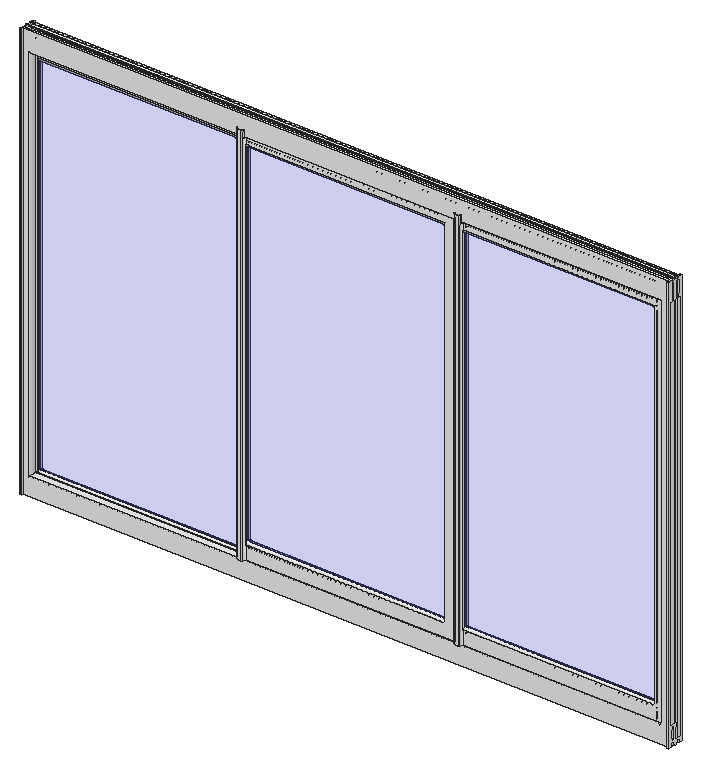
Revit family "DAL_A3-AGI-Sliding-Patio-Door-With-Side-Lights-3110mm", category Doors, host Wall, Revit 2016
Family settings
  Host = Wall
  Always vertical = Yes
  Cut with Voids When Loaded = No
  Shared = No
  Room Calculation Point = No
Parameters (values of type "AGI sliding patio door with side lights 3110mm")
  URL = "http://www.agi.co.za/patioDoor1.htm"
  Panel 2 Width = (Width / 3)  # 1036.667 mm
  Panel 2 Hieght = Height - 89 mm  # 1911 mm
  Panel 1 Width = (Width / 3) - 10 mm  # 1026.667 mm
  Panel 1 Hieght = Height - 154 mm  # 1846 mm
  Manufacturer = "AGI"
  Function = Interior
  Frame material = none
  Frame Projection Ext. = 25 mm
  Frame Projection Int. = 25 mm
  Frame Width = 75 mm
  Height = 2000 mm
  Wall Closure = By host
  Width = 3110 mm
Reference planes
  plane 1 "Centre(Exterior/Interior)": y = 0
  plane 2 "Center (Left/Right)": x = -250
  plane 3 "Left": x = -1286.667
  plane 4 "Right": x = 1823.333
  plane 5 "Top": z = 2000
  plane 6 "Exterior": y = 75
  plane 7 "Interior": y = -75
  plane 8: z = 25
  plane 9 "Panel top": z = 1936.037
  plane 10: x = -1276.667
  plane 11: x = 1813.333
  plane 12: z = 90
  plane 13: x = 786.667
Forms (mm)
  Sweep 1, solid, material <- "Frame material", detail levels medium+fine
    path origin (0, 0, 0) x (1, 0, 0) y (0, 0, 1)
      loop
        line (1823.333, 0) -> (-1286.667, 0)
    profile "AGI SLIDING PATIO Base frame profile : AGI SLIDING PATIO Base frame profile" origin (268.333, 0, 0) x (0, 0, -1) y (0, -1, 0)
      loop
        line (-90, 32.5) -> (-90, -2.5) -> (-73.55, -2.5) -> (-73.55, 2.5) -> (-86, 2.5) -> (-86, 4.847) -> (-23.5, 4.847) -> (-23.5, -1) -> (-12.362, -1) -> (-12.362, 1) -> (-21, 1) -> (-21, 21.5) -> (-33.87, 21.5) -> (-33.87, 19) -> (-23.5, 19) -> (-23.5, 7.347) -> (-86, 7.347) -> (-86, 19) -> (-73.55, 19) -> (-65.757, 26.793) -> (-69.293, 26.793) -> (-74.586, 21.5) -> (-86, 21.5) -> (-86, 32.5) -> (-90, 32.5)
      loop
        line (-2, 22.5) -> (0, 22.5) -> (0, 32.5) -> (-85, 32.5) -> (-85, 22.5) -> (-75, 22.5) -> (-70, 27.5) -> (-20, 27.5) -> (-20, 3.847) -> (-18.194, 3.847)
        arc (-18.194, 3.847) -> (-10, 0) -> (-18.194, -3.847) r 5
        line (-18.194, -3.847) -> (-20, -3.847) -> (-19.131, -17.639) -> (-25, -17.639) -> (-25, -19.673) -> (-19.003, -19.673) -> (-18.352, -30) -> (-2, -30) -> (-2, -32.5) -> (0, -32.5) -> (0, -25) -> (-13.657, -25) -> (-14.603, -9.992)
        arc (-14.603, -9.992) -> (-8.146, -7.281) -> (-5.05, -1) r 10
        line (-5.05, -1) -> (0, -1) -> (0, 1) -> (-5.05, 1)
        arc (-5.05, 1) -> (-8.292, 7.416) -> (-15, 10) r 10
        line (-15, 10) -> (-15, 27.5) -> (-2, 27.5) -> (-2, 22.5)
  Sweep 2, solid, material <- "Frame material", detail levels medium+fine
    path origin (0, 0, 0) x (1, 0, 0) y (0, 0, 1)
      loop
        line (1823.333, 2000) -> (1823.333, 0)
    profile "AGI SLIDING PATIO side frame profile : AGI SLIDING PATIO side frame profile" origin (1823.333, 0, 1000) x (1, 0, 0) y (0, -1, 0)
      loop
        line (-10, -32.5) -> (-10, -37.5) -> (0, -37.5) -> (0, -32.5) -> (-2, -32.5) -> (-2, -35.5) -> (-5, -35.5) -> (-5, -11.015) -> (-2, -11.015) -> (-2, -6.015) -> (-5, -6.015) -> (-5, -2.5) -> (-2, -2.5) -> (-2, 2.5) -> (-5, 2.5) -> (-5, 35.5) -> (-2, 35.5) -> (-2, 32.5) -> (0, 32.5) -> (0, 37.5) -> (-10, 37.5) -> (-10, 32.5) -> (-40, 32.5) -> (-40, 27.5) -> (-10, 27.5) -> (-10, 2) -> (-8, 2) -> (-8, -2) -> (-10, -2) -> (-10, -27.5) -> (-37.71, -27.5) -> (-37.71, -26.5) -> (-11, -26.5) -> (-11, -24.5) -> (-36.319, -24.5)
        arc (-36.319, -24.5) -> (-38.09, -14) -> (-36.319, -3.5) r 32.018
        line (-36.319, -3.5) -> (-30.069, -3.5) -> (-30.069, -1) -> (-9, -1) -> (-9, 1) -> (-40, 1)
        arc (-40, 1) -> (-42.935, -15.75) -> (-40, -32.5) r 49.268
        line (-40, -32.5) -> (-10, -32.5)
  Sweep 3, solid, material <- "Frame material", detail levels medium+fine
    path origin (0, 0, 0) x (1, 0, 0) y (0, 0, 1)
      loop
        line (-1286.667, 2000) -> (1823.333, 2000)
    profile "AGI SLIDING PATIO Top frame profile : AGI SLIDING PATIO Top frame profile" origin (268.333, 0, 2000) x (0, 0, 1) y (0, -1, 0)
      loop
        line (0, 1.5) -> (-5, 1.5) -> (-5, 27.5) -> (-2, 27.5) -> (-2, 22.5) -> (0, 22.5) -> (0, 32.5) -> (-90, 32.5) -> (-90, 22.5) -> (-75, 22.5) -> (-75, 27.5) -> (-10, 27.5) -> (-10, 1.5) -> (-27.652, 1.5)
        arc (-27.652, 1.5) -> (-28.663, 4.011) -> (-30.5, 6) r 7.5
        line (-30.5, 6) -> (-27.08, 6) -> (-27.08, 2.18) -> (-11, 8) -> (-88, 8) -> (-88, 19.5) -> (-11, 19.5) -> (-27.08, 26.5) -> (-27.08, 21.5) -> (-90, 21.5) -> (-90, 6) -> (-39.5, 6)
        arc (-39.5, 6) -> (-41.337, 4.011) -> (-42.348, 1.5) r 7.5
        line (-42.348, 1.5) -> (-75, 1.5) -> (-75, 5) -> (-90, 5) -> (-90, -5) -> (-75, -5) -> (-75, -1.5) -> (-42.348, -1.5)
        arc (-42.348, -1.5) -> (-41.321, -4.036) -> (-39.453, -6.035) r 7.5
        line (-39.453, -6.035) -> (-36.781, -2.414)
        arc (-36.781, -2.414) -> (-35, 3) -> (-33.219, -2.414) r 3
        line (-33.219, -2.414) -> (-30.547, -6.035)
        arc (-30.547, -6.035) -> (-28.679, -4.036) -> (-27.652, -1.5) r 7.5
        line (-27.652, -1.5) -> (-10, -1.5) -> (-10, -27.5) -> (-75, -27.5) -> (-75, -22.5) -> (-90, -22.5) -> (-90, -32.5) -> (0, -32.5) -> (0, -22.5) -> (-2, -22.5) -> (-2, -27.5) -> (-5, -27.5) -> (-5, -1.5) -> (0, -1.5) -> (0, 1.5)
  Sweep 4, solid, material <- "Frame material", detail levels medium+fine
    path origin (0, 0, 0) x (1, 0, 0) y (0, 0, 1)
      loop
        line (-1286.667, 2000) -> (-1286.667, 0)
    profile "AGI SLIDING PATIO side frame profile : AGI SLIDING PATIO side frame profile" origin (-1286.667, 0, 1000) x (1, 0, 0) y (0, -1, 0)
      loop
        line (10, 32.5) -> (10, 37.5) -> (0, 37.5) -> (0, 32.5) -> (2, 32.5) -> (2, 35.5) -> (5, 35.5) -> (5, 11.015) -> (2, 11.015) -> (2, 6.015) -> (5, 6.015) -> (5, 2.5) -> (2, 2.5) -> (2, -2.5) -> (5, -2.5) -> (5, -35.5) -> (2, -35.5) -> (2, -32.5) -> (0, -32.5) -> (0, -37.5) -> (10, -37.5) -> (10, -32.5) -> (40, -32.5) -> (40, -27.5) -> (10, -27.5) -> (10, -2) -> (8, -2) -> (8, 2) -> (10, 2) -> (10, 27.5) -> (37.71, 27.5) -> (37.71, 26.5) -> (11, 26.5) -> (11, 24.5) -> (36.319, 24.5)
        arc (36.319, 24.5) -> (38.09, 14) -> (36.319, 3.5) r 32.018
        line (36.319, 3.5) -> (30.069, 3.5) -> (30.069, 1) -> (9, 1) -> (9, -1) -> (40, -1)
        arc (40, -1) -> (42.935, 15.75) -> (40, 32.5) r 49.268
        line (40, 32.5) -> (10, 32.5)
Cuts and joins
  joined: Sweep 1, Sweep 2, Sweep 3, Sweep 4
Lines and regions (mm)
  Opening 1
    outline origin (-3050, -75, 0) x (1, 0, 0) y (0, 0, 1)
      loop
        line (1763.333, 0) -> (4873.333, 0) -> (4873.333, 2000) -> (1763.333, 2000) -> (1763.333, 0)
  symbolic lines, style "Elevation Swing"
    curve 1: line (206.116, 12.619, 0) -> (101.116, 12.619, 0)
    curve 2: line (101.116, 12.619, 0) -> (115.258, -1.523, 0)
    curve 3: line (101.116, 12.619, 0) -> (115.258, 26.761, 0)
    curve 14: line (1336.116, 12.619, 0) -> (1231.116, 12.619, 0)
    curve 15: line (1231.116, 12.619, 0) -> (1245.258, -1.523, 0)
    curve 16: line (1231.116, 12.619, 0) -> (1245.258, 26.761, 0)
  symbolic lines, style "Overhead line", detail levels coarse
    curve 4: line (-1286.667, 75, 0) -> (1823.333, 75, 0)
    curve 5: line (1823.333, -75, 0) -> (-1286.667, -75, 0)
  symbolic lines, style "DoorsPanelProjection", detail levels coarse
    curve 6: line (-1286.667, 17, 0) -> (-250, 17, 0)
    curve 7: line (298.333, 0, 1013) -> (178.333, 0, 1013)
    curve 8: line (178.333, 0, 1013) -> (192.475, 0, 1027.142)
    curve 9: line (178.333, 0, 1013) -> (192.475, 0, 998.858)
    curve 10: line (1335, 0, 1013) -> (1215, 0, 1013)
    curve 11: line (1215, 0, 1013) -> (1229.142, 0, 1027.142)
    curve 12: line (1215, 0, 1013) -> (1229.142, 0, 998.858)
    curve 13: line (1823.333, -14.5, 0) -> (-250, -14.5, 0)
Text (mm)
  text "Exterior" at (-2295.016, 1099.543, 0), in view "Ref. Level"
  text "Exterior" at (0, 1615.38, 3698.081), in view "Left"
  text "Exterior" at (0, 1036.032, 3874.932), in view "Right"
Dimensions and locks
  equal spacing: plane 3 "Left", plane 2 "Center (Left/Right)", plane 13, plane 4 "Right"
  "Width": plane 3 "Left" to plane 4 "Right"
  "Height": plane 5 "Top" to host wall
  host wall to plane 5 "Top" = 2000 mm  (x2)
  locked: plane 6 "Exterior" to host wall at 0
  locked: plane 7 "Interior" to host wall
  locked: level to plane 8 at 25
  locked: plane 3 "Left" to plane 10 at 10
  locked: plane 11 to plane 4 "Right" at 10
  locked: level to plane 12 at 90
  aligned and locked: plane 3 "Left" to Opening 1 sketch curve
  aligned and locked: plane 5 "Top" to Opening 1 sketch curve  (x2)
  aligned and locked: Opening 1 sketch curve to plane 4 "Right"
  aligned and locked: Opening 1 sketch curve to level
  aligned and locked: plane 1 "Centre(Exterior/Interior)" to host wall
  aligned and locked: level to Sweep 1 sketch curve
  aligned and locked: plane 4 "Right" to Sweep 1 sketch curve
  aligned and locked: plane 3 "Left" to Sweep 1 sketch curve
  aligned and locked: plane 4 "Right" to Sweep 2 sketch curve
  aligned and locked: plane 5 "Top" to Sweep 2 sketch curve
  aligned and locked: level to Sweep 2 sketch curve
  aligned and locked: plane 5 "Top" to Sweep 3 sketch curve
  aligned and locked: plane 4 "Right" to Sweep 3 sketch curve
  aligned and locked: plane 3 "Left" to Sweep 3 sketch curve
  aligned and locked: plane 3 "Left" to Sweep 4 sketch curve
  aligned and locked: plane 5 "Top" to Sweep 4 sketch curve
  aligned and locked: level to Sweep 4 sketch curve
  aligned and locked: nested 1 to plane 8
  aligned and locked: plane 3 "Left" to curve 4
  aligned and locked: plane 4 "Right" to curve 4
  aligned and locked: plane 4 "Right" to curve 5
  aligned and locked: curve 5 to plane 7 "Interior"
  aligned and locked: plane 6 "Exterior" to curve 4
  aligned and locked: plane 2 "Center (Left/Right)" to curve 6
  aligned and locked: plane 3 "Left" to curve 6
  aligned and locked: plane 12 to nested 3
  aligned and locked: plane 13 to nested 3
  aligned and locked: nested 3 to nested 2
  aligned and locked: plane 11 to nested 2
  aligned and locked: nested 1 to plane 10
  aligned and locked: nested 2 to cut or joined group of Sweep 1, Sweep 2, Sweep 3, Sweep 4
  aligned and locked: cut or joined group of Sweep 1, Sweep 2, Sweep 3, Sweep 4 to nested 1
  aligned and locked: plane 2 "Center (Left/Right)" to curve 13
  aligned and locked: plane 4 "Right" to curve 13
  aligned and locked: curve 13 to nested 2
Automatic sketch dimensions
  plane 2 "Center (Left/Right)" to curve 7 = 428.333 mm
  curve 7 to curve 8 = 14.142 mm
  curve 7 to curve 9 = 14.142 mm
  curve 8 to curve 7 = 105.858 mm
  plane 13 to curve 10 = 428.333 mm
  curve 12 to curve 11 = 14.142 mm
  curve 12 to curve 12 = 14.142 mm  (x2)
  curve 11 to curve 10 = 105.858 mm
  curve 9 to plane 12 = 908.858 mm
  curve 12 to curve 9 = 0 mm
  curve 9 to curve 8 = 14.142 mm
  curve 5 to plane 3 "Left" = 0 mm
  curve 1 to host wall = 12.619 mm
  plane 2 "Center (Left/Right)" to curve 1 = 351.116 mm
  curve 3 to host wall = 26.761 mm
  curve 1 to curve 3 = 14.142 mm
  host wall to curve 2 = 1.523 mm
  curve 3 to curve 1 = 90.858 mm
  curve 16 to host wall = 12.619 mm
  plane 13 to curve 16 = 444.449 mm
  host wall to curve 15 = 1.523 mm
  curve 14 to curve 15 = 14.142 mm
  curve 16 to host wall = 26.761 mm
  curve 16 to curve 14 = 90.858 mm
  curve 6 to host wall = 17 mm
Nested families
  nested 1: "AGI sliding patio side i" at (-615.533, 17, 25), type "AGI sliding patio side i", detail levels medium+fine
    with Width 1036.667 mm
  nested 2: "AGI sliding patio side II" at (1442.8, -14.5, 90), type "AGI sliding patio side II", detail levels medium+fine
    with Width 1026.667 mm
  nested 3: "AGI sliding patio side IV" at (406.133, -14.5, 90), type "AGI sliding patio side II", detail levels medium+fine
    with Width 1036.667 mm
Definition of nested family "AGI sliding patio side i"
  Parameters
    Width = 750 mm
    Height = 1911 mm
    Glass = none
    Frame = none
    Assembly Code = ""
  Reference planes
    plane 1 "Center (Front/Back)": y = 0
    plane 2: z = 0
    plane 3 "Center (Left/Right)": x = -142.8
    plane 4 "Right": x = 232.2
    plane 5 "Left": x = -517.8
    plane 6: z = 1911
    plane 7: z = 1846
    plane 8: z = 65
    plane 9 "PANEL": y = 2.5
    plane 10: x = -488.8
    plane 11: x = 203.2
  Forms (mm)
    Sweep 1, solid
      path origin (0, 0, 0) x (1, 0, 0) y (0, 1, 0)
        loop
          line (232.2, 0) -> (-517.8, 0)
      profile "AGI panel top & bottom profile : AGI panel top & bottom profile" origin (-142.8, 0, 0) x (0, -1, 0) y (0, 0, 1)
        loop
          line (13, 0) -> (13, 65)
          arc (13, 65) -> (9.925, 72.425) -> (2.5, 75.5) r 10.5
          line (2.5, 75.5) -> (2.5, 65) -> (5, 65) -> (5, 69.899)
          arc (5, 69.899) -> (7.19, 67.872) -> (8, 65) r 5.5
          line (8, 65) -> (8, 54.802) -> (3.867, 54.802)
          arc (3.867, 54.802) -> (0, 56.632) -> (-3.867, 54.802) r 5
          line (-3.867, 54.802) -> (-8, 54.802) -> (-8, 65)
          arc (-8, 65) -> (-7.19, 67.872) -> (-5, 69.899) r 5.5
          line (-5, 69.899) -> (-5, 65) -> (-2.5, 65) -> (-2.5, 75.5)
          arc (-2.5, 75.5) -> (-9.925, 72.425) -> (-13, 65) r 10.5
          line (-13, 65) -> (-13, 0) -> (-5, 0) -> (-5, 5) -> (-8, 5) -> (-8, 49.802) -> (-4.653, 49.802)
          arc (-4.653, 49.802) -> (-3.789, 48.369) -> (-2.5, 47.302) r 5
          line (-2.5, 47.302) -> (-0.948, 49.319)
          arc (-0.948, 49.319) -> (-0.168, 54.126) -> (1.25, 49.467) r 2.5
          line (1.25, 49.467) -> (2.5, 47.302)
          arc (2.5, 47.302) -> (3.789, 48.369) -> (4.653, 49.802) r 5
          line (4.653, 49.802) -> (8, 49.802) -> (8, 5) -> (5, 5) -> (5, 0) -> (13, 0)
    Sweep 2, solid
      path origin (0, 0, 0) x (1, 0, 0) y (0, 0, 1)
        loop
          line (-517.8, 1911) -> (232.2, 1911)
      profile "AGI panel top & bottom profile : AGI panel top & bottom profile" origin (-142.8, 0, 1911) x (0, 0, 1) y (0, -1, 0)
        loop
          line (0, 13) -> (-65, 13)
          arc (-65, 13) -> (-72.425, 9.925) -> (-75.5, 2.5) r 10.5
          line (-75.5, 2.5) -> (-65, 2.5) -> (-65, 5) -> (-69.899, 5)
          arc (-69.899, 5) -> (-67.872, 7.19) -> (-65, 8) r 5.5
          line (-65, 8) -> (-54.802, 8) -> (-54.802, 3.867)
          arc (-54.802, 3.867) -> (-56.632, 0) -> (-54.802, -3.867) r 5
          line (-54.802, -3.867) -> (-54.802, -8) -> (-65, -8)
          arc (-65, -8) -> (-67.872, -7.19) -> (-69.899, -5) r 5.5
          line (-69.899, -5) -> (-65, -5) -> (-65, -2.5) -> (-75.5, -2.5)
          arc (-75.5, -2.5) -> (-72.425, -9.925) -> (-65, -13) r 10.5
          line (-65, -13) -> (0, -13) -> (0, -5) -> (-5, -5) -> (-5, -8) -> (-49.802, -8) -> (-49.802, -4.653)
          arc (-49.802, -4.653) -> (-48.369, -3.789) -> (-47.302, -2.5) r 5
          line (-47.302, -2.5) -> (-49.319, -0.948)
          arc (-49.319, -0.948) -> (-54.126, -0.168) -> (-49.467, 1.25) r 2.5
          line (-49.467, 1.25) -> (-47.302, 2.5)
          arc (-47.302, 2.5) -> (-48.369, 3.789) -> (-49.802, 4.653) r 5
          line (-49.802, 4.653) -> (-49.802, 8) -> (-5, 8) -> (-5, 5) -> (0, 5) -> (0, 13)
    Sweep 3, solid
      path origin (0, 0, 0) x (1, 0, 0) y (0, 0, 1)
        loop
          line (-517.8, 1911) -> (-517.8, 0)
      profile "AGI panel side profile i : AGI panel side profile i" origin (-517.8, 0, 955.5) x (1, 0, 0) y (0, -1, 0)
        loop
          line (0, 13) -> (0, 8) -> (12, 8) -> (12, -8) -> (0, -8) -> (0, -13) -> (40, -13) -> (40, -8) -> (39, -8) -> (39, -2.5) -> (29, -2.5) -> (29, -5) -> (34, -5) -> (34, -8) -> (17, -8) -> (17, 8) -> (34, 8) -> (34, 5) -> (29, 5) -> (29, 2.5) -> (39, 2.5) -> (39, 8) -> (40, 8) -> (40, 13) -> (0, 13)
    Sweep 4, solid
      path origin (0, 0, 0) x (1, 0, 0) y (0, 0, 1)
        loop
          line (232.2, 1911) -> (232.2, 0)
      profile "AGI panel side profile st : AGI panel side profile st" origin (232.2, 0, 955.5) x (1, 0, 0) y (0, -1, 0)
        loop
          line (0.808, 8) -> (-13.241, 8) -> (-12, 6.759) -> (-12, -8) -> (-1.155, -8)
          arc (-1.155, -8) -> (1.377, -0.19) -> (0.808, 8) r 21.581
        loop
          arc (1.595, -13) -> (6.537, 2.438) -> (1.595, 17.875) r 26.581
          line (1.595, 17.875) -> (-12, 17.875) -> (0, 15) -> (0, 13) -> (-40, 13) -> (-40, 8) -> (-39, 8) -> (-39, 2.5) -> (-29, 2.5) -> (-29, 5) -> (-34, 5) -> (-34, 8) -> (-20, 8) -> (-17, 5) -> (-17, -8) -> (-34, -8) -> (-34, -5) -> (-29, -5) -> (-29, -2.5) -> (-39, -2.5) -> (-39, -8) -> (-40, -8) -> (-40, -13) -> (1.595, -13)
    Extrusion 5, solid, material <- "Glass"
      sketch origin (0, 2.5, 0) x (1, 0, 0) y (0, 0, 1)
        loop
          line (-488.8, 65) -> (203.2, 65) -> (203.2, 1846) -> (-488.8, 1846) -> (-488.8, 65)
      from 0 to 5
  Cuts and joins
    joined: Sweep 1, Sweep 2, Sweep 3, Sweep 4
  Dimensions and locks
    equal spacing: plane 5 "Left", plane 3 "Center (Left/Right)", plane 4 "Right"
    "Width": plane 5 "Left" to plane 4 "Right"
    "Height": plane 6 to plane 2
    locked: level to plane 8 at 65
    locked: plane 7 to plane 6 at 65
    locked: plane 5 "Left" to plane 10 at 29
    locked: plane 11 to plane 4 "Right" at 29
    aligned and locked: level to plane 2
    aligned and locked: Sweep 1 sketch curve to plane 1 "Center (Front/Back)"
    aligned and locked: plane 5 "Left" to Sweep 1 sketch curve
    aligned and locked: plane 4 "Right" to Sweep 1 sketch curve
    aligned and locked: Sweep 2 sketch curve to plane 6
    aligned and locked: plane 5 "Left" to Sweep 2 sketch curve
    aligned and locked: plane 4 "Right" to Sweep 2 sketch curve
    aligned and locked: Sweep 3 sketch curve to plane 5 "Left"
    aligned and locked: plane 6 to Sweep 3 sketch curve
    aligned and locked: plane 2 to Sweep 3 sketch curve
    aligned and locked: Sweep 4 sketch curve to plane 4 "Right"
    aligned and locked: plane 6 to Sweep 4 sketch curve
    aligned and locked: plane 2 to Sweep 4 sketch curve
    aligned and locked: Extrusion 5 sketch curve to plane 10
    aligned and locked: Extrusion 5 sketch curve to plane 7
    aligned and locked: Extrusion 5 sketch curve to plane 8
    aligned and locked: Extrusion 5 sketch curve to plane 11
Definition of nested family "AGI sliding patio side II"
  Parameters
    Width = 500 mm
    Height = 1846 mm
    Glass = none
    Frame = none
    Assembly Code = ""
  Reference planes
    plane 1 "Center (Front/Back)": y = 0
    plane 2: z = 0
    plane 3 "Center (Left/Right)": x = -142.8
    plane 4 "Right": x = 107.2
    plane 5 "Left": x = -392.8
    plane 6: z = 1846
    plane 7: z = 1781
    plane 8: z = 65
    plane 9 "PANEL": y = 2.5
    plane 10: x = -363.8
    plane 11: x = 53.2
  Forms (mm)
    Sweep 1, solid
      path origin (0, 0, 0) x (1, 0, 0) y (0, 1, 0)
        loop
          line (107.2, 0) -> (-392.8, 0)
      profile "AGI panel top & bottom profile : AGI panel top & bottom profile" origin (-142.8, 0, 0) x (0, -1, 0) y (0, 0, 1)
        loop
          line (13, 0) -> (13, 65)
          arc (13, 65) -> (9.925, 72.425) -> (2.5, 75.5) r 10.5
          line (2.5, 75.5) -> (2.5, 65) -> (5, 65) -> (5, 69.899)
          arc (5, 69.899) -> (7.19, 67.872) -> (8, 65) r 5.5
          line (8, 65) -> (8, 54.802) -> (3.867, 54.802)
          arc (3.867, 54.802) -> (0, 56.632) -> (-3.867, 54.802) r 5
          line (-3.867, 54.802) -> (-8, 54.802) -> (-8, 65)
          arc (-8, 65) -> (-7.19, 67.872) -> (-5, 69.899) r 5.5
          line (-5, 69.899) -> (-5, 65) -> (-2.5, 65) -> (-2.5, 75.5)
          arc (-2.5, 75.5) -> (-9.925, 72.425) -> (-13, 65) r 10.5
          line (-13, 65) -> (-13, 0) -> (-5, 0) -> (-5, 5) -> (-8, 5) -> (-8, 49.802) -> (-4.653, 49.802)
          arc (-4.653, 49.802) -> (-3.789, 48.369) -> (-2.5, 47.302) r 5
          line (-2.5, 47.302) -> (-0.948, 49.319)
          arc (-0.948, 49.319) -> (-0.168, 54.126) -> (1.25, 49.467) r 2.5
          line (1.25, 49.467) -> (2.5, 47.302)
          arc (2.5, 47.302) -> (3.789, 48.369) -> (4.653, 49.802) r 5
          line (4.653, 49.802) -> (8, 49.802) -> (8, 5) -> (5, 5) -> (5, 0) -> (13, 0)
    Sweep 2, solid
      path origin (0, 0, 0) x (1, 0, 0) y (0, 0, 1)
        loop
          line (-392.8, 1846) -> (107.2, 1846)
      profile "AGI panel top & bottom profile : AGI panel top & bottom profile" origin (-142.8, 0, 1846) x (0, 0, 1) y (0, -1, 0)
        loop
          line (0, 13) -> (-65, 13)
          arc (-65, 13) -> (-72.425, 9.925) -> (-75.5, 2.5) r 10.5
          line (-75.5, 2.5) -> (-65, 2.5) -> (-65, 5) -> (-69.899, 5)
          arc (-69.899, 5) -> (-67.872, 7.19) -> (-65, 8) r 5.5
          line (-65, 8) -> (-54.802, 8) -> (-54.802, 3.867)
          arc (-54.802, 3.867) -> (-56.632, 0) -> (-54.802, -3.867) r 5
          line (-54.802, -3.867) -> (-54.802, -8) -> (-65, -8)
          arc (-65, -8) -> (-67.872, -7.19) -> (-69.899, -5) r 5.5
          line (-69.899, -5) -> (-65, -5) -> (-65, -2.5) -> (-75.5, -2.5)
          arc (-75.5, -2.5) -> (-72.425, -9.925) -> (-65, -13) r 10.5
          line (-65, -13) -> (0, -13) -> (0, -5) -> (-5, -5) -> (-5, -8) -> (-49.802, -8) -> (-49.802, -4.653)
          arc (-49.802, -4.653) -> (-48.369, -3.789) -> (-47.302, -2.5) r 5
          line (-47.302, -2.5) -> (-49.319, -0.948)
          arc (-49.319, -0.948) -> (-54.126, -0.168) -> (-49.467, 1.25) r 2.5
          line (-49.467, 1.25) -> (-47.302, 2.5)
          arc (-47.302, 2.5) -> (-48.369, 3.789) -> (-49.802, 4.653) r 5
          line (-49.802, 4.653) -> (-49.802, 8) -> (-5, 8) -> (-5, 5) -> (0, 5) -> (0, 13)
    Extrusion 3, solid, material <- "Glass"
      sketch origin (0, 2.5, 0) x (1, 0, 0) y (0, 0, 1)
        loop
          line (-363.8, 65) -> (53.2, 65) -> (53.2, 1781) -> (-363.8, 1781) -> (-363.8, 65)
      from 0 to 5
    Sweep 4, solid
      path origin (0, 2.5, 0) x (1, 0, 0) y (0, 0, 1)
        loop
          line (-392.8, 1846) -> (-392.8, 0)
      profile "AGI panel side profile outside : AGI panel side profile outside" origin (-392.8, 2.5, 923) x (1, 0, 0) y (0, -1, 0)
        loop
          line (5.005, -5.5) -> (14.841, -5.5) -> (13.6, -4.259) -> (13.6, 10.5) -> (5.005, 10.5) -> (5.005, -5.5)
        loop
          line (0.005, -10.5) -> (41.6, -10.5) -> (41.6, -5.5) -> (40.6, -5.5) -> (40.6, 0) -> (30.6, 0) -> (30.6, -2.5) -> (35.6, -2.5) -> (35.6, -5.5) -> (21.6, -5.5) -> (18.6, -2.5) -> (18.6, 10.5) -> (35.6, 10.5) -> (35.6, 7.5) -> (30.6, 7.5) -> (30.6, 5) -> (40.6, 5) -> (40.6, 10.5) -> (41.6, 10.5) -> (41.6, 15.5)
          arc (41.6, 15.5) -> (36.124, 20.153) -> (36.892, 27.297) r 7.681
          arc (36.892, 27.297) -> (37.161, 30.042) -> (35.01, 31.769) r 2.898
          arc (35.01, 31.769) -> (14.921, 29.201) -> (0.005, 15.5) r 33.416
          line (0.005, 15.5) -> (0.005, -10.5)
        loop
          line (5.982, 15.5) -> (38.886, 15.5)
          arc (38.886, 15.5) -> (34.795, 21.066) -> (36.063, 27.857) r 8.681
          arc (36.063, 27.857) -> (36.257, 29.614) -> (34.919, 30.769) r 1.899
          arc (34.919, 30.769) -> (17.97, 29.377) -> (4.058, 19.596) r 32.416
          arc (4.058, 19.596) -> (3.719, 16.937) -> (5.982, 15.5) r 2.5
    Sweep 5, solid
      path origin (0, 2.5, 0) x (1, 0, 0) y (0, 0, 1)
        loop
          line (107.2, 1846) -> (107.2, 0)
      profile "AGI panel side profile lng : AGI panel side profile lng" origin (107.2, 2.5, 923) x (1, 0, 0) y (0, -1, 0)
        loop
          line (-16.155, 10.5) -> (-37, 10.5) -> (-37, -5.5) -> (-16.155, -5.5) -> (-16.155, 10.5)
        loop
          line (0, -10.5) -> (0, -2.5) -> (-5, -2.5) -> (-5, -5.5) -> (-11.155, -5.5) -> (-11.155, 10.5) -> (-5, 10.5) -> (-5, 7.5) -> (0, 7.5) -> (0, 15.5) -> (-65, 15.5) -> (-65, 10.5) -> (-64, 10.5) -> (-64, 5) -> (-54, 5) -> (-54, 7.5) -> (-59, 7.5) -> (-59, 10.5) -> (-42, 10.5) -> (-42, -5.5) -> (-59, -5.5) -> (-59, -2.5) -> (-54, -2.5) -> (-54, 0) -> (-64, 0) -> (-64, -5.5) -> (-65, -5.5) -> (-65, -10.5) -> (0, -10.5)
  Cuts and joins
    joined: Sweep 1, Sweep 2, Sweep 4, Sweep 5
  Dimensions and locks
    equal spacing: plane 5 "Left", plane 3 "Center (Left/Right)", plane 4 "Right"
    "Width": plane 5 "Left" to plane 4 "Right"
    "Height": plane 6 to plane 2
    locked: level to plane 8 at 65
    locked: plane 7 to plane 6 at 65
    locked: plane 5 "Left" to plane 10 at 29
    locked: plane 11 to plane 4 "Right" at 54
    aligned and locked: level to plane 2
    aligned and locked: Sweep 1 sketch curve to plane 1 "Center (Front/Back)"
    aligned and locked: plane 5 "Left" to Sweep 1 sketch curve
    aligned and locked: plane 4 "Right" to Sweep 1 sketch curve
    aligned and locked: Sweep 2 sketch curve to plane 6
    aligned and locked: plane 5 "Left" to Sweep 2 sketch curve
    aligned and locked: plane 4 "Right" to Sweep 2 sketch curve
    aligned and locked: Extrusion 3 sketch curve to plane 10
    aligned and locked: Extrusion 3 sketch curve to plane 7
    aligned and locked: Extrusion 3 sketch curve to plane 8
    aligned and locked: Extrusion 3 sketch curve to plane 11
    aligned and locked: Sweep 4 sketch curve to plane 5 "Left"
    aligned and locked: plane 6 to Sweep 4 sketch curve
    aligned and locked: plane 2 to Sweep 4 sketch curve
    aligned and locked: Sweep 5 sketch curve to plane 4 "Right"
    aligned and locked: plane 6 to Sweep 5 sketch curve
    aligned and locked: plane 2 to Sweep 5 sketch curve
  Automatic sketch dimensions
    Sweep 4 sketch curve to level = 0 mm
Definition of nested family "AGI sliding patio side IV"
  Parameters
    Width = 500 mm
    Height = 1846 mm
    Glass = none
    Frame = none
    Assembly Code = ""
  Reference planes
    plane 1 "Center (Front/Back)": y = 0
    plane 2: z = 0
    plane 3 "Center (Left/Right)": x = -142.8
    plane 4 "Right": x = 107.2
    plane 5 "Left": x = -392.8
    plane 6: z = 1846
    plane 7: z = 1781
    plane 8: z = 65
    plane 9 "PANEL": y = 2.5
    plane 10: x = -363.8
    plane 11: x = 78.2
  Forms (mm)
    Sweep 1, solid
      path origin (0, 0, 0) x (1, 0, 0) y (0, 1, 0)
        loop
          line (107.2, 0) -> (-392.8, 0)
      profile "AGI panel top & bottom profile : AGI panel top & bottom profile" origin (-142.8, 0, 0) x (0, -1, 0) y (0, 0, 1)
        loop
          line (13, 0) -> (13, 65)
          arc (13, 65) -> (9.925, 72.425) -> (2.5, 75.5) r 10.5
          line (2.5, 75.5) -> (2.5, 65) -> (5, 65) -> (5, 69.899)
          arc (5, 69.899) -> (7.19, 67.872) -> (8, 65) r 5.5
          line (8, 65) -> (8, 54.802) -> (3.867, 54.802)
          arc (3.867, 54.802) -> (0, 56.632) -> (-3.867, 54.802) r 5
          line (-3.867, 54.802) -> (-8, 54.802) -> (-8, 65)
          arc (-8, 65) -> (-7.19, 67.872) -> (-5, 69.899) r 5.5
          line (-5, 69.899) -> (-5, 65) -> (-2.5, 65) -> (-2.5, 75.5)
          arc (-2.5, 75.5) -> (-9.925, 72.425) -> (-13, 65) r 10.5
          line (-13, 65) -> (-13, 0) -> (-5, 0) -> (-5, 5) -> (-8, 5) -> (-8, 49.802) -> (-4.653, 49.802)
          arc (-4.653, 49.802) -> (-3.789, 48.369) -> (-2.5, 47.302) r 5
          line (-2.5, 47.302) -> (-0.948, 49.319)
          arc (-0.948, 49.319) -> (-0.168, 54.126) -> (1.25, 49.467) r 2.5
          line (1.25, 49.467) -> (2.5, 47.302)
          arc (2.5, 47.302) -> (3.789, 48.369) -> (4.653, 49.802) r 5
          line (4.653, 49.802) -> (8, 49.802) -> (8, 5) -> (5, 5) -> (5, 0) -> (13, 0)
    Sweep 2, solid
      path origin (0, 0, 0) x (1, 0, 0) y (0, 0, 1)
        loop
          line (-392.8, 1846) -> (107.2, 1846)
      profile "AGI panel top & bottom profile : AGI panel top & bottom profile" origin (-142.8, 0, 1846) x (0, 0, 1) y (0, -1, 0)
        loop
          line (0, 13) -> (-65, 13)
          arc (-65, 13) -> (-72.425, 9.925) -> (-75.5, 2.5) r 10.5
          line (-75.5, 2.5) -> (-65, 2.5) -> (-65, 5) -> (-69.899, 5)
          arc (-69.899, 5) -> (-67.872, 7.19) -> (-65, 8) r 5.5
          line (-65, 8) -> (-54.802, 8) -> (-54.802, 3.867)
          arc (-54.802, 3.867) -> (-56.632, 0) -> (-54.802, -3.867) r 5
          line (-54.802, -3.867) -> (-54.802, -8) -> (-65, -8)
          arc (-65, -8) -> (-67.872, -7.19) -> (-69.899, -5) r 5.5
          line (-69.899, -5) -> (-65, -5) -> (-65, -2.5) -> (-75.5, -2.5)
          arc (-75.5, -2.5) -> (-72.425, -9.925) -> (-65, -13) r 10.5
          line (-65, -13) -> (0, -13) -> (0, -5) -> (-5, -5) -> (-5, -8) -> (-49.802, -8) -> (-49.802, -4.653)
          arc (-49.802, -4.653) -> (-48.369, -3.789) -> (-47.302, -2.5) r 5
          line (-47.302, -2.5) -> (-49.319, -0.948)
          arc (-49.319, -0.948) -> (-54.126, -0.168) -> (-49.467, 1.25) r 2.5
          line (-49.467, 1.25) -> (-47.302, 2.5)
          arc (-47.302, 2.5) -> (-48.369, 3.789) -> (-49.802, 4.653) r 5
          line (-49.802, 4.653) -> (-49.802, 8) -> (-5, 8) -> (-5, 5) -> (0, 5) -> (0, 13)
    Extrusion 3, solid, material <- "Glass"
      sketch origin (0, 2.5, 0) x (1, 0, 0) y (0, 0, 1)
        loop
          line (-363.8, 65) -> (78.2, 65) -> (78.2, 1781) -> (-363.8, 1781) -> (-363.8, 65)
      from 0 to 5
    Sweep 4, solid
      path origin (0, 2.5, 0) x (1, 0, 0) y (0, 0, 1)
        loop
          line (-392.8, 1846) -> (-392.8, 0)
      profile "AGI panel side profile outside : AGI panel side profile outside" origin (-392.8, 2.5, 923) x (1, 0, 0) y (0, -1, 0)
        loop
          line (-0.808, -5.5) -> (13.241, -5.5) -> (12, -4.259) -> (12, 10.5) -> (1.155, 10.5)
          arc (1.155, 10.5) -> (-1.377, 2.69) -> (-0.808, -5.5) r 21.581
        loop
          line (0, -10.5) -> (40, -10.5) -> (40, -5.5) -> (39, -5.5) -> (39, 0) -> (29, 0) -> (29, -2.5) -> (34, -2.5) -> (34, -5.5) -> (20, -5.5) -> (17, -2.5) -> (17, 10.5) -> (34, 10.5) -> (34, 7.5) -> (29, 7.5) -> (29, 5) -> (39, 5) -> (39, 10.5) -> (40, 10.5) -> (40, 15.5)
          arc (40, 15.5) -> (34.524, 20.153) -> (35.292, 27.297) r 7.681
          arc (35.292, 27.297) -> (35.561, 30.042) -> (33.41, 31.769) r 2.898
          arc (33.41, 31.769) -> (13.321, 29.201) -> (-1.595, 15.5) r 33.416
          arc (-1.595, 15.5) -> (-6.537, 0.062) -> (-1.595, -15.375) r 26.581
          line (-1.595, -15.375) -> (12, -15.375) -> (0, -12.5) -> (0, -10.5)
        loop
          line (-0.437, 15.5) -> (37.286, 15.5)
          arc (37.286, 15.5) -> (33.195, 21.066) -> (34.463, 27.857) r 8.681
          arc (34.463, 27.857) -> (34.657, 29.614) -> (33.319, 30.769) r 1.899
          arc (33.319, 30.769) -> (14.045, 28.432) -> (-0.437, 15.5) r 32.416
    Sweep 5, solid
      path origin (0, 0, 0) x (1, 0, 0) y (0, 0, 1)
        loop
          line (107.2, 1846) -> (107.2, 0)
      profile "AGI panel side profile II : AGI panel side profile II" origin (107.2, 0, 923) x (1, 0, 0) y (0, -1, 0)
        loop
          line (0, -8) -> (0, 8) -> (-12, 8) -> (-12, -8) -> (0, -8)
        loop
          line (2.502, 13) -> (-40, 13) -> (-40, 8) -> (-39, 8) -> (-39, 2.5) -> (-29, 2.5) -> (-29, 5) -> (-34, 5) -> (-34, 8) -> (-17, 8) -> (-17, -8) -> (-34, -8) -> (-34, -5) -> (-29, -5) -> (-29, -2.5) -> (-39, -2.5) -> (-39, -8) -> (-40, -8) -> (-40, -13) -> (2.5, -13)
          arc (2.5, -13) -> (4.268, -12.268) -> (5, -10.5) r 2.5
          line (5, -10.5) -> (5, 10.502)
          arc (5, 10.502) -> (4.268, 12.268) -> (2.502, 13) r 2.498
  Cuts and joins
    joined: Sweep 1, Sweep 2, Sweep 4, Sweep 5
  Dimensions and locks
    equal spacing: plane 5 "Left", plane 3 "Center (Left/Right)", plane 4 "Right"
    "Width": plane 5 "Left" to plane 4 "Right"
    "Height": plane 6 to plane 2
    locked: level to plane 8 at 65
    locked: plane 7 to plane 6 at 65
    locked: plane 5 "Left" to plane 10 at 29
    locked: plane 11 to plane 4 "Right" at 29
    aligned and locked: level to plane 2
    aligned and locked: Sweep 1 sketch curve to plane 1 "Center (Front/Back)"
    aligned and locked: plane 5 "Left" to Sweep 1 sketch curve
    aligned and locked: plane 4 "Right" to Sweep 1 sketch curve
    aligned and locked: Sweep 2 sketch curve to plane 6
    aligned and locked: plane 5 "Left" to Sweep 2 sketch curve
    aligned and locked: plane 4 "Right" to Sweep 2 sketch curve
    aligned and locked: Extrusion 3 sketch curve to plane 10
    aligned and locked: Extrusion 3 sketch curve to plane 7
    aligned and locked: Extrusion 3 sketch curve to plane 8
    aligned and locked: Extrusion 3 sketch curve to plane 11
    aligned and locked: Sweep 4 sketch curve to plane 5 "Left"
    aligned and locked: plane 6 to Sweep 4 sketch curve
    aligned and locked: plane 2 to Sweep 4 sketch curve
    aligned and locked: plane 6 to Sweep 5 sketch curve
    aligned and locked: plane 2 to Sweep 5 sketch curve
  Automatic sketch dimensions
    Sweep 4 sketch curve to level = 0 mm
    Sweep 5 sketch curve to plane 4 "Right" = 0 mm
